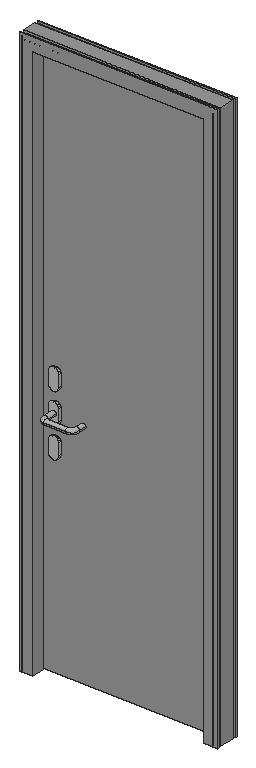
Revit family "Doors_Swing_Avanti_Systems_Acoustic-Dbl-Glazed (2)", category Portes, Revit 2022
Family settings
  Numéro OmniClass = 23.30.10.14.14
  Titre OmniClass = Wood Passage Doors
  Toujours verticalement = Oui
  Couper avec des vides une fois chargée = Non
  Partagée = Non
  Repère de localisation dans la pièce = Non
Parameters (values of type "Double Glazed Acoustic Swing Door")
  Vitrage = "Verres feuilletés"
  Matériau secoondaire = "Aluminium"
  Matériau du cadre [instance] = Alluminium
  Matériau Principal = "Bois"
  Finition = "Peinture Spéciale"
  Youtube clip = ""
  Width [instance] = 2' - 8.58379"
  Warranty = "1 year"  # constant formula
  Url = ""
  Uniformat II Description = "Interior Doors"
  Uniformat II Code = "C1020"
  Uniclass 2015 Name = "Doors and windows"
  Uniclass 2015 Code = "EF_25_30"
  Uniclass 2.0 Description = ""
  Uniclass 2.0 Code = ""
  Uniclass 1.4 Description = "Doors"
  Uniclass 1.4 Code = "JL20"
  URL = "https://www.avantisystemsusa.com/"
  UNSPSC Code = "30171504"
  Type de construction = "Ménuiserie"
  Visual Light Transmittance = 0
  Résistance thermique (R) = 0.5165 (m²·K)/W
  Region Afrique = "Algérie"
  Puissance = 130 V  # constant formula
  Produit = "Porte"
  Performance Acoustique (dB) = 40  # constant formula
  Pays de Fourniture = ""
  Pays de Design = "Algerie"
  Numéro d'édition = 3
  Nom du Fournissuer = ""
  Hauteur = 7' - 9.651"
  Groupe de produit = "porte acoustic vitrée"
  Famille du produit = "Porte double vitrage"
  Epaisseur = 0' - 1 3/4"
  Technical description = ""
  Product url = "https://www.avantisystemsusa.com/glass-products/doors/pivot-doors-hinged-doors/double-glazed-framed/"
  Product data url = "https://bimobject.com/avantisystems/product/avanti-acoustic-double-glazed-glass-swing-door"
  Product certification = ""
  Product Guid = "4cbc50b4-6a02-4c5a-a436-d6565afaf1f2"
  OmniClass Description = "Wood Doors"
  OmniClass Code = "23-17 11 15"
  NBS Reference Description = ""
  NBS Reference Code = ""
  Modèle = "Acoustic Double Glazed Glass Swing Door"  # constant formula
  Masterformat 2014 Description = "Wood Doors"
  Masterformat 2014 Code = "08 14 00"
  Fabricant = "Avanti Systems USA"  # constant formula
  Installation instructions = ""
  IFC Classification = "Door"
  Hardware material [instance] = Acier
  Hauteur de poigner [instance] = Hauteur - 0' 4"  # 7' - 5.651"
  Hauteur de la poigner [instance] = Hauteur - 0' 2"  # 7' - 7.651"
  Fonction = Intérieur
  EAN code = ""
  Matériau des Paneaux de porte = Bois
  Hauteur de la Porte [instance] = 7' - 0"
  Description = "Double Glazed Acoustic Swing Doors fit seamlessly into the Solare™ Double Glazed, Elevare™ Stacking Double Glazed High Wall , Movare™ Movable Double Glazed or Transverto™ MonobIock Modular for superior sound resistance and style."  # constant formula
  Date de publication = "2023"
  Cote de son = 0
  Coefficient de transfert thermique (U) = 1.9361 W/(m²·K)
  Solar Heat Gain Coefficient = 0
  Code QR = ""
  COBIe Type Category = ""
  Matériau des stores [instance] = Alluminium
  Hauteur des stores [instance] = Hauteur - 0' 7"  # 7' - 2.651"
  BIMobject main category code = "doors"
  BIMobject main category = "Doors"
  BIMobject category code = "doors-swing"
  BIMobject category = "Swing"
  Construction analytique = "Cadre en bois, double/triple vitre, contre-porte vitrée"
Reference planes (in)
  plane 1 "Center (Front/Back)": y = 0
  plane 2: z = 0.6245
  plane 3 "Center (Left/Right)": x = 3.24894
  plane 4: x = -13.04295
  plane 5: x = 19.54084
  plane 6 "Top": z = 94.2755
  plane 7: z = 89.62939
  plane 8: x = -8.91795
  plane 9 "Doors Bottom Plan": y = 0.2175
  plane 10: z = 91.651
  plane 11 "Doors Center": y = 0.8725
  plane 12 "Door_top_olan": y = 1.9675
  plane 13 "Door_height_top": z = 91.65289
  plane 14 "Door_left": x = 17.54774
  plane 15 "Door_right": x = -11.04986
  plane 16: z = 91.75551
  plane 17: y = 1.9675
  plane 18: z = 12.6245
  plane 19: z = 78.336
  plane 20: z = 66.336
  plane 21: z = 47.45
  plane 22: y = 1.78
  plane 23: y = 0.405
  plane 24: x = 14.10021
  plane 25: x = -7.60233
  plane 26: z = 89.25449
  plane 27: z = 0.1875
  plane 28: x = 3.24894
  plane 29: x = -11.35863
  plane 30: x = 17.67186
Forms (in)
  Sweep 1, solid, material "Alluminium" <- "Matériau du cadre"
    path origin (0.39048, 0, 0) x (1, 0, 0) y (0, 0, 1)
      loop
        line (19.15035, 0) -> (19.15035, 94.2755) -> (-13.43344, 94.2755) -> (-13.43344, 0)
    profile origin (19.54084, 0, 47.13775) x (-1, 0, 0) y (0, -1, 0)
      loop
        line (0, -1.20637) -> (0.32027, -1.20637) -> (0.32027, -1.10581) -> (0.81894, -1.10581) -> (0.81894, -1.90844) -> (0.32, -1.90844) -> (0.32, -1.75074) -> (0, -1.75074) -> (0, -1.9675) -> (1.68432, -1.9675) -> (1.68432, -0.10813) -> (2.19799, -0.10813) -> (2.19799, 1.96951) -> (0, 1.96951) -> (0, 1.75296) -> (0.32, 1.75296) -> (0.32, 1.91045) -> (0.8165, 1.91045) -> (0.8165, 1.12164) -> (0.3206, 1.12164) -> (0.3206, 1.22391) -> (0, 1.22391) -> (0, -1.20637)
  Extrusion 2, solid, material "Bois" <- "Matériau des Paneaux de porte"
    sketch origin (0, 0, 0) x (1, 0, 0) y (0, 1, 0)
      loop
        line (-11.04986, 1.9675) -> (-11.04986, 1.78) -> (17.54774, 1.78) -> (17.54774, 1.9675) -> (-11.04986, 1.9675)
      loop
        line (-11.04986, 0.405) -> (-11.04986, 0.2175) -> (17.54774, 0.2175) -> (17.54774, 0.405) -> (-11.04986, 0.405)
    from 0.1875 to 92.07752
  Sweep 3, solid, material "Alluminium" <- "Matériau du cadre"
    path origin (0, 0, 0) x (1, 0, 0) y (0, 0, 1)
      loop
        line (17.54774, 0.1875) -> (17.54774, 92.07752) -> (-11.04986, 92.07752) -> (-11.04986, 0.1875) -> (17.54774, 0.1875)
    profile origin (17.54774, 0, 46.13251) x (-1, 0, 0) y (0, -1, 0)
      loop
        line (2.82303, -1.78) -> (2.82303, -0.405) -> (0, -0.405) -> (0, -1.78) -> (2.82303, -1.78)
Lines and regions (in)
  symbolic lines, style "00 View port"
    curve 1: line (17.85651, 0.2175, 0) -> (-11.35863, 0.2175, 0)
    curve 5: line (-11.17398, 1.78, 0) -> (17.67186, 1.78, 0)
    curve 6: line (-11.17398, 0.405, 0) -> (17.67186, 0.405, 0)
    curve 7: line (3.24894, 1.78, 91.78203) -> (3.24894, 1.78, 0.6245)
    curve 8: line (3.24894, 0.405, 91.78203) -> (3.24894, 0.405, 0.6245)
    curve 9: line (3.24894, 1.905, 91.78203) -> (3.24894, 1.905, 0.6245)
    curve 10: line (3.24894, 1.8425, 91.78203) -> (3.24894, 1.8425, 0.6245)
    curve 11: line (3.24894, 0.3425, 91.78203) -> (3.24894, 0.3425, 0.6245)
    curve 12: line (3.24894, 0.28, 91.78203) -> (3.24894, 0.28, 0.6245)
  symbolic lines, style "01 Cut"
    curve 2: line (3.24894, 1.9675, 0.6245) -> (3.24894, 0.2175, 0.6245)
    curve 3: line (3.24894, 0.2175, 0.6245) -> (3.24894, 0.2175, 91.78203)
    curve 4: line (3.24894, 1.9675, 91.78203) -> (3.24894, 1.9675, 0.6245)
  symbolic lines, style "0", detail levels medium+fine
    curve 13: line (-9.7346, 2.31618, 0) -> (-8.09759, 2.31618, 0)
    curve 14: line (-9.7346, 1.9675, 0) -> (-9.7346, 2.31618, 0)
    curve 15: line (-8.09759, 1.9675, 0) -> (-9.7346, 1.9675, 0)
    curve 16: line (-8.09759, 2.31618, 0) -> (-8.09759, 1.9675, 0)
    curve 17: line (-9.30872, 2.31618, 0) -> (-9.30872, 4.12294, 0)
    curve 18: arc (-9.30872, 4.12294, 0) -> (-9.01696, 4.82732, 0) -> (-8.31258, 5.11908, 0) r 0.99614
    curve 19: line (-8.31258, 5.11908, 0) -> (-4.68684, 5.11908, 0)
    curve 20: arc (-4.68684, 5.11908, 0) -> (-3.85061, 4.7727, 0) -> (-3.50423, 3.93647, 0) r 1.18261
    curve 21: line (-3.50423, 3.93647, 0) -> (-3.50423, 2.59532, 0)
    curve 22: line (-3.50423, 2.59532, 0) -> (-4.28513, 2.59532, 0)
    curve 23: line (-4.28513, 2.59532, 0) -> (-4.28513, 3.93356, 0)
    curve 24: arc (-4.28513, 3.93356, 0) -> (-4.4221, 4.21798, 0) -> (-4.71539, 4.33478, 0) r 0.43481
    curve 25: line (-4.71539, 4.33478, 0) -> (-8.27803, 4.33478, 0)
    curve 26: arc (-8.27803, 4.33478, 0) -> (-8.44928, 4.26384, 0) -> (-8.52022, 4.09259, 0) r 0.24219
    curve 27: line (-8.52022, 4.09259, 0) -> (-8.52022, 2.31618, 0)
    curve 43: line (-9.7346, -0.13118, 0) -> (-8.09759, -0.13118, 0)
    curve 44: line (-9.7346, 0.2175, 0) -> (-9.7346, -0.13118, 0)
    curve 45: line (-8.09759, 0.2175, 0) -> (-9.7346, 0.2175, 0)
    curve 46: line (-8.09759, -0.13118, 0) -> (-8.09759, 0.2175, 0)
    curve 47: line (-9.30872, -0.13118, 0) -> (-9.30872, -1.93794, 0)
    curve 48: arc (-9.30872, -1.93794, 0) -> (-9.01696, -2.64232, 0) -> (-8.31258, -2.93408, 0) r 0.99614
    curve 49: line (-8.31258, -2.93408, 0) -> (-4.68684, -2.93408, 0)
    curve 50: arc (-4.68684, -2.93408, 0) -> (-3.85061, -2.5877, 0) -> (-3.50423, -1.75147, 0) r 1.18261
    curve 51: line (-3.50423, -1.75147, 0) -> (-3.50423, -0.41032, 0)
    curve 52: line (-3.50423, -0.41032, 0) -> (-4.28513, -0.41032, 0)
    curve 53: line (-4.28513, -0.41032, 0) -> (-4.28513, -1.74856, 0)
    curve 54: arc (-4.28513, -1.74856, 0) -> (-4.4221, -2.03298, 0) -> (-4.71539, -2.14978, 0) r 0.43481
    curve 55: line (-4.71539, -2.14978, 0) -> (-8.27803, -2.14978, 0)
    curve 56: arc (-8.27803, -2.14978, 0) -> (-8.44928, -2.07884, 0) -> (-8.52022, -1.90759, 0) r 0.24219
    curve 57: line (-8.52022, -1.90759, 0) -> (-8.52022, -0.13118, 0)
  symbolic lines, style "0", not visible, detail levels medium+fine
    curve 28: line (-9.7346, 2.31618, 0) -> (-8.09759, 2.31618, 0)
    curve 29: line (-9.7346, 1.9675, 0) -> (-9.7346, 2.31618, 0)
    curve 30: line (-8.09759, 1.9675, 0) -> (-9.7346, 1.9675, 0)
    curve 31: line (-8.09759, 2.31618, 0) -> (-8.09759, 1.9675, 0)
    curve 32: line (-9.30872, 2.31618, 0) -> (-9.30872, 4.12294, 0)
    curve 33: arc (-9.30872, 4.12294, 0) -> (-9.01696, 4.82732, 0) -> (-8.31258, 5.11908, 0) r 0.99614
    curve 34: line (-8.31258, 5.11908, 0) -> (-4.68684, 5.11908, 0)
    curve 35: arc (-4.68684, 5.11908, 0) -> (-3.85061, 4.7727, 0) -> (-3.50423, 3.93647, 0) r 1.18261
    curve 36: line (-3.50423, 3.93647, 0) -> (-3.50423, 2.59532, 0)
    curve 37: line (-3.50423, 2.59532, 0) -> (-4.28513, 2.59532, 0)
    curve 38: line (-4.28513, 2.59532, 0) -> (-4.28513, 3.93356, 0)
    curve 39: arc (-4.28513, 3.93356, 0) -> (-4.4221, 4.21798, 0) -> (-4.71539, 4.33478, 0) r 0.43481
    curve 40: line (-4.71539, 4.33478, 0) -> (-8.27803, 4.33478, 0)
    curve 41: arc (-8.27803, 4.33478, 0) -> (-8.44928, 4.26384, 0) -> (-8.52022, 4.09259, 0) r 0.24219
    curve 42: line (-8.52022, 4.09259, 0) -> (-8.52022, 2.31618, 0)
    curve 58: line (-8.91795, 2.31618, 0) -> (-8.91795, 2.06618, 0)
    curve 59: line (-8.91795, 2.31618, 0) -> (-8.91795, 2.06618, 0)
    curve 60: line (-8.91795, -0.13118, 0) -> (-8.91795, 0.11882, 0)
  symbolic lines, not visible
    curve 61: line (-2.82581, -0.24998, 19.83525) -> (2.83104, -0.24998, 25.4921)
    curve 62: line (0.00262, -0.24998, 20.81572) -> (1.85057, -0.24998, 22.66367)
    curve 63: line (-1.84534, -0.24998, 22.66367) -> (0.00262, -0.24998, 24.51163)
    curve 64: line (-1.84534, 0.25002, 22.66367) -> (1.85057, 0.25002, 22.66367)
  model lines, not visible
    curve 65: line (0.00262, 0.25002, 20.81572) -> (0.00262, 0.25002, 24.51163)
  symbolic lines, style "DoorsHiddenLines"
    curve 66: line (-8.22683, 0, 89.25449) -> (14.72471, 0, 47.45)
    curve 67: line (14.72471, 0, 47.45) -> (-8.91795, 0, 0.1875)
    curve 68: line (17.54774, 1.9675, 0) -> (17.54774, 28.18535, 0)
    curve 69: arc (17.54774, 28.18535, 0) -> (-2.26495, 21.08656, 0) -> (-11.06253, 1.9675, 0) r 27.16735
  symbolic lines, style "0"
    curve 70: line (-11.35863, 1.9675, 0) -> (17.54774, 1.9675, 0)
Text (in)
  text "Exterior" at (-45.72835, 31.38743, 0), in view "Ref. Level"
Dimensions and locks (in)
  equal spacing: plane 4, plane 3 "Center (Left/Right)", plane 5  (x2)
  plane 4 to plane 8 = 0' - 4 1/8"
  "Epaisseur": plane 12 "Door_top_olan" to plane 9 "Doors Bottom Plan"
  plane 12 "Door_top_olan" to plane 11 "Doors Center" to plane 9 "Doors Bottom Plan" = 0' - 1.095", 0' - 0.655"
  locked: plane 16 to plane 6 "Top" at 2.51999
  locked: plane 14 "Door_left" to plane 5 at 1.9931
  locked: plane 15 "Door_right" to plane 4 at 1.9931
  plane 17 to plane 12 "Door_top_olan" = 0' - 0"
  locked: plane 2 to plane 18 at 12
  locked: plane 19 to plane 13 "Door_height_top" at 13.31689
  locked: plane 20 to plane 13 "Door_height_top" at 25.31689
  plane 13 "Door_height_top" to plane 6 "Top" = 0' - 2.62261"
  equal spacing: plane 2, plane 21, plane 6 "Top", locked at 46.8255 each
  locked: plane 12 "Door_top_olan" to plane 22 at 0.1875
  locked: plane 23 to plane 9 "Doors Bottom Plan" at 0.1875
  "Hauteur": plane 2 to plane 6 "Top"
  locked: plane 24 to plane 5 at 5.44062
  locked: plane 25 to plane 4 at 5.44062
  "Width": plane 4 to plane 5
  plane 26 to plane 6 "Top" = 0' - 5.02101"
  equal spacing: plane 17, curve 9, curve 10, plane 22, locked at 0.0625 each
  equal spacing: plane 23, curve 11, curve 12, plane 9 "Doors Bottom Plan", locked at 0.0625 each
  plane 27 to plane 2 = 0' - 0.437"
  equal spacing: plane 4, plane 28, plane 5
  plane 27 to plane 13 "Door_height_top" = 7' - 7.46539"
  plane 14 "Door_left" to plane 15 "Door_right" = 2' - 4.5976"
  plane 1 "Center (Front/Back)" to curve 68 = 2' - 4.18535"
  plane 2 to nested 9 = 3' - 2"
  locked: plane 4 to plane 29 at 1.68432
  locked: plane 30 to plane 5 at 1.86898
  locked: Sweep 3 sketch curve to profile plane at 2.82303
  aligned and locked: Sweep 1 sketch curve to plane 5
  aligned and locked: plane 4 to Sweep 1 sketch curve
  aligned and locked: Sweep 1 sketch curve to plane 6 "Top"
  aligned and locked: Sweep 1 to plane 17
  aligned and locked: curve 3 to plane 9 "Doors Bottom Plan"
  aligned and locked: curve 4 to plane 12 "Door_top_olan"
  aligned and locked: Extrusion 2 sketch curve to plane 12 "Door_top_olan"
  aligned and locked: plane 22 to Extrusion 2 sketch curve
  aligned and locked: plane 15 "Door_right" to Extrusion 2 sketch curve  (x2)
  aligned and locked: Extrusion 2 sketch curve to plane 14 "Door_left"  (x2)
  aligned and locked: Extrusion 2 sketch curve to plane 23
  aligned and locked: plane 9 "Doors Bottom Plan" to Extrusion 2 sketch curve
  aligned and locked: Sweep 3 sketch curve to plane 14 "Door_left"
  aligned and locked: plane 15 "Door_right" to Sweep 3 sketch curve
  aligned and locked: Sweep 3 sketch curve to plane 22
  aligned and locked: plane 23 to Sweep 3 sketch curve
  aligned and locked: Sweep 3 sketch curve to profile plane
  aligned and locked: Sweep 3 to Sweep 3
  aligned and locked: Sweep 3 to plane 26  (x4)
  aligned and locked: nested 1 to plane 26
  aligned and locked: nested 1 to plane 3 "Center (Left/Right)"
  aligned and locked: plane 4 to nested 2
  aligned and locked: nested 2 to plane 12 "Door_top_olan"
  aligned and locked: plane 5 to nested 3
  aligned and locked: plane 12 "Door_top_olan" to nested 3
  aligned and locked: Sweep 1 sketch curve to nested 3  (x6)
  aligned and locked: Sweep 1 sketch curve to plane 12 "Door_top_olan"
  aligned and locked: Sweep 1 to curve 1  (x2)
  aligned and locked: curve 5 to plane 22
  aligned and locked: curve 6 to plane 23
  aligned and locked: nested 2 to curve 5
  aligned and locked: curve 6 to nested 2
  aligned and locked: nested 3 to curve 5
  aligned and locked: nested 3 to curve 6
  aligned and locked: nested 4 to plane 17
  aligned and locked: curve 2 to plane 2
  aligned and locked: nested 4 to curve 4
  aligned and locked: curve 3 to nested 4
  aligned and locked: plane 22 to curve 7
  aligned and locked: plane 23 to curve 8
  aligned and locked: nested 4 to curve 9
  aligned and locked: nested 4 to curve 10
  aligned and locked: nested 4 to curve 7
  aligned and locked: curve 8 to nested 4
  aligned and locked: curve 11 to nested 4
  aligned and locked: curve 12 to nested 4
  aligned and locked: plane 2 to curve 9
  aligned and locked: nested 9 to plane 2
  aligned and locked: nested 9 to plane 4
  aligned and locked: curve 15 to plane 17
  aligned and locked: plane 9 "Doors Bottom Plan" to curve 45
  aligned and locked: curve 58 to nested 9
  aligned and locked: curve 60 to plane 8
  aligned and locked: plane 27 to Sweep 3 sketch curve  (x2)
  aligned and locked: Extrusion 2 to plane 27
  aligned and locked: plane 26 to Sweep 3
  aligned and locked: plane 21 to curve 67
  aligned and locked: curve 68 to curve 69
  aligned and locked: nested 5 to plane 18
  aligned and locked: nested 7 to plane 20
  aligned and locked: nested 8 to plane 19
  aligned and locked: plane 21 to nested 6
  aligned and locked: nested 8 to Extrusion 2
  aligned and locked: nested 7 to Extrusion 2
  aligned and locked: nested 6 to Extrusion 2
  aligned and locked: nested 5 to Extrusion 2
  aligned and locked: plane 14 "Door_left" to nested 6
  aligned and locked: plane 14 "Door_left" to nested 5
  aligned and locked: Extrusion 2 to nested 7
  aligned and locked: Extrusion 2 to nested 8
  aligned and locked: plane 14 "Door_left" to curve 68
  aligned and locked: plane 29 to curve 70
  aligned and locked: Sweep 3 sketch curve to Sweep 1
  aligned and locked: Extrusion 2 to Sweep 1
  aligned and locked: plane 26 to curve 66
Automatic sketch dimensions
  curve 13 to curve 17 = 0' - 0.42588"
  curve 17 to curve 27 = 0' - 0.7885"
  curve 26 to curve 19 = 0' - 0.20764"
  curve 18 to curve 25 = 0' - 0.03455"
  curve 27 to curve 16 = 0' - 0.42263"
  curve 26 to curve 24 = 0' - 3.55939"
  curve 24 to curve 25 = 0' - 0.00325"
  curve 24 to curve 20 = 0' - 0.0318"
  curve 24 to curve 22 = 0' - 0.43351"
  curve 22 to curve 21 = 0' - 0.7809"
  curve 15 to curve 16 = 0' - 0.34868"
  curve 13 to curve 23 = 0' - 0.27914"
  curve 22 to curve 24 = 0' - 1.30467"
  curve 24 to curve 23 = 0' - 0.03357"
  curve 24 to curve 20 = 0' - 0.03649"
  curve 58 to curve 27 = 0' - 0.39773"
  curve 58 to curve 27 = 0' - 0 1/4"
  curve 58 to curve 58 = 0' - 0 1/4"
  curve 28 to curve 32 = 0' - 0.42588"
  curve 32 to curve 42 = 0' - 0.7885"
  curve 41 to curve 34 = 0' - 0.20764"
  curve 33 to curve 40 = 0' - 0.03455"
  curve 42 to curve 31 = 0' - 0.42263"
  curve 41 to curve 39 = 0' - 3.55939"
  curve 39 to curve 40 = 0' - 0.00325"
  curve 39 to curve 35 = 0' - 0.0318"
  curve 39 to curve 37 = 0' - 0.43351"
  curve 37 to curve 36 = 0' - 0.7809"
  curve 30 to curve 31 = 0' - 0.34868"
  curve 28 to curve 38 = 0' - 0.27914"
  curve 37 to curve 39 = 0' - 1.30467"
  curve 39 to curve 38 = 0' - 0.03357"
  curve 39 to curve 35 = 0' - 0.03649"
  curve 59 to curve 42 = 0' - 0.39773"
  curve 59 to curve 42 = 0' - 0 1/4"
  curve 59 to curve 59 = 0' - 0 1/4"
  curve 43 to curve 47 = 0' - 0.42588"
  curve 47 to curve 57 = 0' - 0.7885"
  curve 56 to curve 49 = 0' - 0.20764"
  curve 48 to curve 55 = 0' - 0.03455"
  curve 57 to curve 46 = 0' - 0.42263"
  curve 56 to curve 54 = 0' - 3.55939"
  curve 54 to curve 55 = 0' - 0.00325"
  curve 54 to curve 50 = 0' - 0.0318"
  curve 54 to curve 52 = 0' - 0.43351"
  curve 52 to curve 51 = 0' - 0.7809"
  curve 46 to curve 45 = 0' - 0.34868"
  curve 53 to curve 43 = 0' - 0.27914"
  curve 54 to curve 52 = 0' - 1.30467"
  curve 53 to curve 54 = 0' - 0.03357"
  curve 50 to curve 54 = 0' - 0.03649"
  curve 60 to curve 57 = 0' - 0.39773"
  curve 57 to curve 60 = 0' - 0 1/4"
  curve 60 to curve 60 = 0' - 0 1/4"
  Sweep 1 sketch curve to level = 0' - 0"  (x2)
  Sweep 1 sketch curve to profile plane = 0' - 0"  (x3)
  Sweep 1 sketch curve to profile plane = 0' - 0.32"
  Sweep 1 sketch curve to Sweep 1 sketch curve = 0' - 0.32"
  Sweep 1 sketch curve to profile plane = 0' - 0.32027"
  Sweep 1 sketch curve to profile plane = 0' - 0.3206"
  Sweep 1 sketch curve to Sweep 1 sketch curve = 0' - 0.49591"
  Sweep 1 sketch curve to Sweep 1 sketch curve = 0' - 0.49894"
  Sweep 1 sketch curve to Sweep 1 sketch curve = 0' - 0.15771"
  Sweep 1 sketch curve to Sweep 1 sketch curve = 0' - 0.54437"
  Sweep 1 sketch curve to Sweep 1 sketch curve = 0' - 0.10056"
  Sweep 1 sketch curve to Sweep 1 sketch curve = 0' - 0.10227"
  Sweep 1 sketch curve to Sweep 1 sketch curve = 0' - 0.21655"
  Sweep 1 sketch curve to Sweep 1 sketch curve = 0' - 0.1575"
  plane 8 to curve 67 = 0' - 0"
  curve 67 to plane 27 = 0' - 0"
  curve 66 to plane 25 = 0' - 0.6245"
  plane 24 to curve 67 = 0' - 0.6245"
  curve 69 to plane 12 "Door_top_olan" = 0' - 0"
  curve 1 to plane 9 "Doors Bottom Plan" = 0' - 0"
  plane 11 "Doors Center" to curve 69 = 0' - 0.18466"
  curve 69 to plane 14 "Door_left" = 0' - 1.45817"
Nested families (in)
  nested 1: "Blinds" at (3.24894, 0.405, 45.92899) x (1, 0, 0) z (0, 1, 0), type "Blinds"
    with Width 1' - 10.95098", Height 7' - 2.651"
  nested 2: "Door Frame" at (-11.81512, -0.34464, 0), type "Door Frame"
  nested 3: "Door Frame" at (18.313, -0.34464, 0) x (-1, 0, 0) z (0, 0, 1), type "Door Frame"
  nested 4: "Door Frame" at (3.24894, -0.34464, 92.42317) x (0, 0, -1) z (1, 0, 0), type "Door Frame"
  nested 5: "Hinge" at (17.79774, 1.9675, 17.1245) x (-1, 0, 0) z (0, 1, 0), type "Frame To Glass Door Hydraulic Hinge"
  nested 6: "Hinge" at (17.79774, 1.9675, 49.7) x (-1, 0, 0) z (0, 1, 0), type "Frame To Glass Door Hydraulic Hinge"
  nested 7: "Hinge" at (17.79774, 1.9675, 70.836) x (-1, 0, 0) z (0, 1, 0), type "Frame To Glass Door Hydraulic Hinge"
  nested 8: "Hinge" at (17.79774, 1.9675, 82.836) x (-1, 0, 0) z (0, 1, 0), type "Frame To Glass Door Hydraulic Hinge"
  nested 9: "Handle" at (-8.91795, -1.1575, 38.6245) x (-1, 0, 0) z (0, -1, 0), type "Lever Handle", detail levels medium+fine
    with Width 7' - 5.651"
Definition of nested family "Blinds"
  Parameters (values of type "Blinders")
    Width = 1' - 9.70098"
    Number = 88
    Material = none
    Height = 7' - 4.2096"
    Default Elevation = 4' - 0"
  Reference planes (in)
    plane 1 "Center (Front/Back)": y = 0
    plane 2: z = 0
    plane 3 "Center (Left/Right)": x = 0
    plane 4: y = 44.1048
    plane 5: y = -44.1048
  Forms (in)
    Sweep 1, solid, material <- "Material"
      path origin (0, 28.38242, 0) x (1, 0, 0) y (0, 1, 0)
        loop
          line (-10.85049, 15.72238) -> (10.85049, 15.72238)
      profile origin (0, 44.1048, 0) x (0, 1, 0) y (0, 0, 1)
        loop
          line (-0.53392, 1.375) -> (0, 0)
          arc (0, 0) -> (-0.1282, 0.74138) -> (-0.53392, 1.375) r 1.90149
    Sweep 2, solid, material <- "Material"
      path origin (0, 27.37466, 0) x (1, 0, 0) y (0, 1, 0)
        loop
          line (-10.85049, 15.72238) -> (10.85049, 15.72238)
      profile origin (0, 43.09703, 0) x (0, 1, 0) y (0, 0, 1)
        loop
          line (-0.53392, 1.375) -> (0, 0)
          arc (0, 0) -> (-0.1282, 0.74138) -> (-0.53392, 1.375) r 1.90149
    Sweep 3, solid, material <- "Material"
      path origin (0, 26.36689, 0) x (1, 0, 0) y (0, 1, 0)
        loop
          line (-10.85049, 15.72238) -> (10.85049, 15.72238)
      profile origin (0, 42.08927, 0) x (0, 1, 0) y (0, 0, 1)
        loop
          line (-0.53392, 1.375) -> (0, 0)
          arc (0, 0) -> (-0.1282, 0.74138) -> (-0.53392, 1.375) r 1.90149
    Sweep 4, solid, material <- "Material"
      path origin (0, 25.35912, 0) x (1, 0, 0) y (0, 1, 0)
        loop
          line (-10.85049, 15.72238) -> (10.85049, 15.72238)
      profile origin (0, 41.0815, 0) x (0, 1, 0) y (0, 0, 1)
        loop
          line (-0.53392, 1.375) -> (0, 0)
          arc (0, 0) -> (-0.1282, 0.74138) -> (-0.53392, 1.375) r 1.90149
    Sweep 5, solid, material <- "Material"
      path origin (0, 24.35136, 0) x (1, 0, 0) y (0, 1, 0)
        loop
          line (-10.85049, 15.72238) -> (10.85049, 15.72238)
      profile origin (0, 40.07373, 0) x (0, 1, 0) y (0, 0, 1)
        loop
          line (-0.53392, 1.375) -> (0, 0)
          arc (0, 0) -> (-0.1282, 0.74138) -> (-0.53392, 1.375) r 1.90149
    Sweep 6, solid, material <- "Material"
      path origin (0, 23.34359, 0) x (1, 0, 0) y (0, 1, 0)
        loop
          line (-10.85049, 15.72238) -> (10.85049, 15.72238)
      profile origin (0, 39.06597, 0) x (0, 1, 0) y (0, 0, 1)
        loop
          line (-0.53392, 1.375) -> (0, 0)
          arc (0, 0) -> (-0.1282, 0.74138) -> (-0.53392, 1.375) r 1.90149
    Sweep 7, solid, material <- "Material"
      path origin (0, 22.33582, 0) x (1, 0, 0) y (0, 1, 0)
        loop
          line (-10.85049, 15.72238) -> (10.85049, 15.72238)
      profile origin (0, 38.0582, 0) x (0, 1, 0) y (0, 0, 1)
        loop
          line (-0.53392, 1.375) -> (0, 0)
          arc (0, 0) -> (-0.1282, 0.74138) -> (-0.53392, 1.375) r 1.90149
    Sweep 8, solid, material <- "Material"
      path origin (0, 21.32806, 0) x (1, 0, 0) y (0, 1, 0)
        loop
          line (-10.85049, 15.72238) -> (10.85049, 15.72238)
      profile origin (0, 37.05043, 0) x (0, 1, 0) y (0, 0, 1)
        loop
          line (-0.53392, 1.375) -> (0, 0)
          arc (0, 0) -> (-0.1282, 0.74138) -> (-0.53392, 1.375) r 1.90149
    Sweep 9, solid, material <- "Material"
      path origin (0, 20.32029, 0) x (1, 0, 0) y (0, 1, 0)
        loop
          line (-10.85049, 15.72238) -> (10.85049, 15.72238)
      profile origin (0, 36.04267, 0) x (0, 1, 0) y (0, 0, 1)
        loop
          line (-0.53392, 1.375) -> (0, 0)
          arc (0, 0) -> (-0.1282, 0.74138) -> (-0.53392, 1.375) r 1.90149
    Sweep 10, solid, material <- "Material"
      path origin (0, 19.31252, 0) x (1, 0, 0) y (0, 1, 0)
        loop
          line (-10.85049, 15.72238) -> (10.85049, 15.72238)
      profile origin (0, 35.0349, 0) x (0, 1, 0) y (0, 0, 1)
        loop
          line (-0.53392, 1.375) -> (0, 0)
          arc (0, 0) -> (-0.1282, 0.74138) -> (-0.53392, 1.375) r 1.90149
    Sweep 11, solid, material <- "Material"
      path origin (0, 18.30476, 0) x (1, 0, 0) y (0, 1, 0)
        loop
          line (-10.85049, 15.72238) -> (10.85049, 15.72238)
      profile origin (0, 34.02713, 0) x (0, 1, 0) y (0, 0, 1)
        loop
          line (-0.53392, 1.375) -> (0, 0)
          arc (0, 0) -> (-0.1282, 0.74138) -> (-0.53392, 1.375) r 1.90149
    Sweep 12, solid, material <- "Material"
      path origin (0, 17.29699, 0) x (1, 0, 0) y (0, 1, 0)
        loop
          line (-10.85049, 15.72238) -> (10.85049, 15.72238)
      profile origin (0, 33.01937, 0) x (0, 1, 0) y (0, 0, 1)
        loop
          line (-0.53392, 1.375) -> (0, 0)
          arc (0, 0) -> (-0.1282, 0.74138) -> (-0.53392, 1.375) r 1.90149
    Sweep 13, solid, material <- "Material"
      path origin (0, 16.28922, 0) x (1, 0, 0) y (0, 1, 0)
        loop
          line (-10.85049, 15.72238) -> (10.85049, 15.72238)
      profile origin (0, 32.0116, 0) x (0, 1, 0) y (0, 0, 1)
        loop
          line (-0.53392, 1.375) -> (0, 0)
          arc (0, 0) -> (-0.1282, 0.74138) -> (-0.53392, 1.375) r 1.90149
    Sweep 14, solid, material <- "Material"
      path origin (0, 15.28146, 0) x (1, 0, 0) y (0, 1, 0)
        loop
          line (-10.85049, 15.72238) -> (10.85049, 15.72238)
      profile origin (0, 31.00384, 0) x (0, 1, 0) y (0, 0, 1)
        loop
          line (-0.53392, 1.375) -> (0, 0)
          arc (0, 0) -> (-0.1282, 0.74138) -> (-0.53392, 1.375) r 1.90149
    Sweep 15, solid, material <- "Material"
      path origin (0, 14.27369, 0) x (1, 0, 0) y (0, 1, 0)
        loop
          line (-10.85049, 15.72238) -> (10.85049, 15.72238)
      profile origin (0, 29.99607, 0) x (0, 1, 0) y (0, 0, 1)
        loop
          line (-0.53392, 1.375) -> (0, 0)
          arc (0, 0) -> (-0.1282, 0.74138) -> (-0.53392, 1.375) r 1.90149
    Sweep 16, solid, material <- "Material"
      path origin (0, 13.26593, 0) x (1, 0, 0) y (0, 1, 0)
        loop
          line (-10.85049, 15.72238) -> (10.85049, 15.72238)
      profile origin (0, 28.9883, 0) x (0, 1, 0) y (0, 0, 1)
        loop
          line (-0.53392, 1.375) -> (0, 0)
          arc (0, 0) -> (-0.1282, 0.74138) -> (-0.53392, 1.375) r 1.90149
    Sweep 17, solid, material <- "Material"
      path origin (0, 12.25816, 0) x (1, 0, 0) y (0, 1, 0)
        loop
          line (-10.85049, 15.72238) -> (10.85049, 15.72238)
      profile origin (0, 27.98054, 0) x (0, 1, 0) y (0, 0, 1)
        loop
          line (-0.53392, 1.375) -> (0, 0)
          arc (0, 0) -> (-0.1282, 0.74138) -> (-0.53392, 1.375) r 1.90149
    Sweep 18, solid, material <- "Material"
      path origin (0, 11.25039, 0) x (1, 0, 0) y (0, 1, 0)
        loop
          line (-10.85049, 15.72238) -> (10.85049, 15.72238)
      profile origin (0, 26.97277, 0) x (0, 1, 0) y (0, 0, 1)
        loop
          line (-0.53392, 1.375) -> (0, 0)
          arc (0, 0) -> (-0.1282, 0.74138) -> (-0.53392, 1.375) r 1.90149
    Sweep 19, solid, material <- "Material"
      path origin (0, 10.24263, 0) x (1, 0, 0) y (0, 1, 0)
        loop
          line (-10.85049, 15.72238) -> (10.85049, 15.72238)
      profile origin (0, 25.965, 0) x (0, 1, 0) y (0, 0, 1)
        loop
          line (-0.53392, 1.375) -> (0, 0)
          arc (0, 0) -> (-0.1282, 0.74138) -> (-0.53392, 1.375) r 1.90149
    Sweep 20, solid, material <- "Material"
      path origin (0, 9.23486, 0) x (1, 0, 0) y (0, 1, 0)
        loop
          line (-10.85049, 15.72238) -> (10.85049, 15.72238)
      profile origin (0, 24.95724, 0) x (0, 1, 0) y (0, 0, 1)
        loop
          line (-0.53392, 1.375) -> (0, 0)
          arc (0, 0) -> (-0.1282, 0.74138) -> (-0.53392, 1.375) r 1.90149
    Sweep 21, solid, material <- "Material"
      path origin (0, 8.22709, 0) x (1, 0, 0) y (0, 1, 0)
        loop
          line (-10.85049, 15.72238) -> (10.85049, 15.72238)
      profile origin (0, 23.94947, 0) x (0, 1, 0) y (0, 0, 1)
        loop
          line (-0.53392, 1.375) -> (0, 0)
          arc (0, 0) -> (-0.1282, 0.74138) -> (-0.53392, 1.375) r 1.90149
    Sweep 22, solid, material <- "Material"
      path origin (0, 7.21933, 0) x (1, 0, 0) y (0, 1, 0)
        loop
          line (-10.85049, 15.72238) -> (10.85049, 15.72238)
      profile origin (0, 22.9417, 0) x (0, 1, 0) y (0, 0, 1)
        loop
          line (-0.53392, 1.375) -> (0, 0)
          arc (0, 0) -> (-0.1282, 0.74138) -> (-0.53392, 1.375) r 1.90149
    Sweep 23, solid, material <- "Material"
      path origin (0, 6.21156, 0) x (1, 0, 0) y (0, 1, 0)
        loop
          line (-10.85049, 15.72238) -> (10.85049, 15.72238)
      profile origin (0, 21.93394, 0) x (0, 1, 0) y (0, 0, 1)
        loop
          line (-0.53392, 1.375) -> (0, 0)
          arc (0, 0) -> (-0.1282, 0.74138) -> (-0.53392, 1.375) r 1.90149
    Sweep 24, solid, material <- "Material"
      path origin (0, 5.20379, 0) x (1, 0, 0) y (0, 1, 0)
        loop
          line (-10.85049, 15.72238) -> (10.85049, 15.72238)
      profile origin (0, 20.92617, 0) x (0, 1, 0) y (0, 0, 1)
        loop
          line (-0.53392, 1.375) -> (0, 0)
          arc (0, 0) -> (-0.1282, 0.74138) -> (-0.53392, 1.375) r 1.90149
    Sweep 25, solid, material <- "Material"
      path origin (0, 4.19603, 0) x (1, 0, 0) y (0, 1, 0)
        loop
          line (-10.85049, 15.72238) -> (10.85049, 15.72238)
      profile origin (0, 19.9184, 0) x (0, 1, 0) y (0, 0, 1)
        loop
          line (-0.53392, 1.375) -> (0, 0)
          arc (0, 0) -> (-0.1282, 0.74138) -> (-0.53392, 1.375) r 1.90149
    Sweep 26, solid, material <- "Material"
      path origin (0, 3.18826, 0) x (1, 0, 0) y (0, 1, 0)
        loop
          line (-10.85049, 15.72238) -> (10.85049, 15.72238)
      profile origin (0, 18.91064, 0) x (0, 1, 0) y (0, 0, 1)
        loop
          line (-0.53392, 1.375) -> (0, 0)
          arc (0, 0) -> (-0.1282, 0.74138) -> (-0.53392, 1.375) r 1.90149
    Sweep 27, solid, material <- "Material"
      path origin (0, 2.18049, 0) x (1, 0, 0) y (0, 1, 0)
        loop
          line (-10.85049, 15.72238) -> (10.85049, 15.72238)
      profile origin (0, 17.90287, 0) x (0, 1, 0) y (0, 0, 1)
        loop
          line (-0.53392, 1.375) -> (0, 0)
          arc (0, 0) -> (-0.1282, 0.74138) -> (-0.53392, 1.375) r 1.90149
    Sweep 28, solid, material <- "Material"
      path origin (0, 1.17273, 0) x (1, 0, 0) y (0, 1, 0)
        loop
          line (-10.85049, 15.72238) -> (10.85049, 15.72238)
      profile origin (0, 16.89511, 0) x (0, 1, 0) y (0, 0, 1)
        loop
          line (-0.53392, 1.375) -> (0, 0)
          arc (0, 0) -> (-0.1282, 0.74138) -> (-0.53392, 1.375) r 1.90149
    Sweep 29, solid, material <- "Material"
      path origin (0, 0.16496, 0) x (1, 0, 0) y (0, 1, 0)
        loop
          line (-10.85049, 15.72238) -> (10.85049, 15.72238)
      profile origin (0, 15.88734, 0) x (0, 1, 0) y (0, 0, 1)
        loop
          line (-0.53392, 1.375) -> (0, 0)
          arc (0, 0) -> (-0.1282, 0.74138) -> (-0.53392, 1.375) r 1.90149
    Sweep 30, solid, material <- "Material"
      path origin (0, -0.8428, 0) x (1, 0, 0) y (0, 1, 0)
        loop
          line (-10.85049, 15.72238) -> (10.85049, 15.72238)
      profile origin (0, 14.87957, 0) x (0, 1, 0) y (0, 0, 1)
        loop
          line (-0.53392, 1.375) -> (0, 0)
          arc (0, 0) -> (-0.1282, 0.74138) -> (-0.53392, 1.375) r 1.90149
    Sweep 31, solid, material <- "Material"
      path origin (0, -1.85057, 0) x (1, 0, 0) y (0, 1, 0)
        loop
          line (-10.85049, 15.72238) -> (10.85049, 15.72238)
      profile origin (0, 13.87181, 0) x (0, 1, 0) y (0, 0, 1)
        loop
          line (-0.53392, 1.375) -> (0, 0)
          arc (0, 0) -> (-0.1282, 0.74138) -> (-0.53392, 1.375) r 1.90149
    Sweep 32, solid, material <- "Material"
      path origin (0, -2.85834, 0) x (1, 0, 0) y (0, 1, 0)
        loop
          line (-10.85049, 15.72238) -> (10.85049, 15.72238)
      profile origin (0, 12.86404, 0) x (0, 1, 0) y (0, 0, 1)
        loop
          line (-0.53392, 1.375) -> (0, 0)
          arc (0, 0) -> (-0.1282, 0.74138) -> (-0.53392, 1.375) r 1.90149
    Sweep 33, solid, material <- "Material"
      path origin (0, -3.8661, 0) x (1, 0, 0) y (0, 1, 0)
        loop
          line (-10.85049, 15.72238) -> (10.85049, 15.72238)
      profile origin (0, 11.85627, 0) x (0, 1, 0) y (0, 0, 1)
        loop
          line (-0.53392, 1.375) -> (0, 0)
          arc (0, 0) -> (-0.1282, 0.74138) -> (-0.53392, 1.375) r 1.90149
    Sweep 34, solid, material <- "Material"
      path origin (0, -4.87387, 0) x (1, 0, 0) y (0, 1, 0)
        loop
          line (-10.85049, 15.72238) -> (10.85049, 15.72238)
      profile origin (0, 10.84851, 0) x (0, 1, 0) y (0, 0, 1)
        loop
          line (-0.53392, 1.375) -> (0, 0)
          arc (0, 0) -> (-0.1282, 0.74138) -> (-0.53392, 1.375) r 1.90149
    Sweep 35, solid, material <- "Material"
      path origin (0, -5.88164, 0) x (1, 0, 0) y (0, 1, 0)
        loop
          line (-10.85049, 15.72238) -> (10.85049, 15.72238)
      profile origin (0, 9.84074, 0) x (0, 1, 0) y (0, 0, 1)
        loop
          line (-0.53392, 1.375) -> (0, 0)
          arc (0, 0) -> (-0.1282, 0.74138) -> (-0.53392, 1.375) r 1.90149
    Sweep 36, solid, material <- "Material"
      path origin (0, -6.8894, 0) x (1, 0, 0) y (0, 1, 0)
        loop
          line (-10.85049, 15.72238) -> (10.85049, 15.72238)
      profile origin (0, 8.83297, 0) x (0, 1, 0) y (0, 0, 1)
        loop
          line (-0.53392, 1.375) -> (0, 0)
          arc (0, 0) -> (-0.1282, 0.74138) -> (-0.53392, 1.375) r 1.90149
    Sweep 37, solid, material <- "Material"
      path origin (0, -7.89717, 0) x (1, 0, 0) y (0, 1, 0)
        loop
          line (-10.85049, 15.72238) -> (10.85049, 15.72238)
      profile origin (0, 7.82521, 0) x (0, 1, 0) y (0, 0, 1)
        loop
          line (-0.53392, 1.375) -> (0, 0)
          arc (0, 0) -> (-0.1282, 0.74138) -> (-0.53392, 1.375) r 1.90149
    Sweep 38, solid, material <- "Material"
      path origin (0, -8.90494, 0) x (1, 0, 0) y (0, 1, 0)
        loop
          line (-10.85049, 15.72238) -> (10.85049, 15.72238)
      profile origin (0, 6.81744, 0) x (0, 1, 0) y (0, 0, 1)
        loop
          line (-0.53392, 1.375) -> (0, 0)
          arc (0, 0) -> (-0.1282, 0.74138) -> (-0.53392, 1.375) r 1.90149
    Sweep 39, solid, material <- "Material"
      path origin (0, -9.9127, 0) x (1, 0, 0) y (0, 1, 0)
        loop
          line (-10.85049, 15.72238) -> (10.85049, 15.72238)
      profile origin (0, 5.80967, 0) x (0, 1, 0) y (0, 0, 1)
        loop
          line (-0.53392, 1.375) -> (0, 0)
          arc (0, 0) -> (-0.1282, 0.74138) -> (-0.53392, 1.375) r 1.90149
    Sweep 40, solid, material <- "Material"
      path origin (0, -10.92047, 0) x (1, 0, 0) y (0, 1, 0)
        loop
          line (-10.85049, 15.72238) -> (10.85049, 15.72238)
      profile origin (0, 4.80191, 0) x (0, 1, 0) y (0, 0, 1)
        loop
          line (-0.53392, 1.375) -> (0, 0)
          arc (0, 0) -> (-0.1282, 0.74138) -> (-0.53392, 1.375) r 1.90149
    Sweep 41, solid, material <- "Material"
      path origin (0, -11.92824, 0) x (1, 0, 0) y (0, 1, 0)
        loop
          line (-10.85049, 15.72238) -> (10.85049, 15.72238)
      profile origin (0, 3.79414, 0) x (0, 1, 0) y (0, 0, 1)
        loop
          line (-0.53392, 1.375) -> (0, 0)
          arc (0, 0) -> (-0.1282, 0.74138) -> (-0.53392, 1.375) r 1.90149
    Sweep 42, solid, material <- "Material"
      path origin (0, -12.936, 0) x (1, 0, 0) y (0, 1, 0)
        loop
          line (-10.85049, 15.72238) -> (10.85049, 15.72238)
      profile origin (0, 2.78638, 0) x (0, 1, 0) y (0, 0, 1)
        loop
          line (-0.53392, 1.375) -> (0, 0)
          arc (0, 0) -> (-0.1282, 0.74138) -> (-0.53392, 1.375) r 1.90149
    Sweep 43, solid, material <- "Material"
      path origin (0, -13.94377, 0) x (1, 0, 0) y (0, 1, 0)
        loop
          line (-10.85049, 15.72238) -> (10.85049, 15.72238)
      profile origin (0, 1.77861, 0) x (0, 1, 0) y (0, 0, 1)
        loop
          line (-0.53392, 1.375) -> (0, 0)
          arc (0, 0) -> (-0.1282, 0.74138) -> (-0.53392, 1.375) r 1.90149
    Sweep 44, solid, material <- "Material"
      path origin (0, -14.95153, 0) x (1, 0, 0) y (0, 1, 0)
        loop
          line (-10.85049, 15.72238) -> (10.85049, 15.72238)
      profile origin (0, 0.77084, 0) x (0, 1, 0) y (0, 0, 1)
        loop
          line (-0.53392, 1.375) -> (0, 0)
          arc (0, 0) -> (-0.1282, 0.74138) -> (-0.53392, 1.375) r 1.90149
    Sweep 45, solid, material <- "Material"
      path origin (0, -15.9593, 0) x (1, 0, 0) y (0, 1, 0)
        loop
          line (-10.85049, 15.72238) -> (10.85049, 15.72238)
      profile origin (0, -0.23692, 0) x (0, 1, 0) y (0, 0, 1)
        loop
          line (-0.53392, 1.375) -> (0, 0)
          arc (0, 0) -> (-0.1282, 0.74138) -> (-0.53392, 1.375) r 1.90149
    Sweep 46, solid, material <- "Material"
      path origin (0, -16.96707, 0) x (1, 0, 0) y (0, 1, 0)
        loop
          line (-10.85049, 15.72238) -> (10.85049, 15.72238)
      profile origin (0, -1.24469, 0) x (0, 1, 0) y (0, 0, 1)
        loop
          line (-0.53392, 1.375) -> (0, 0)
          arc (0, 0) -> (-0.1282, 0.74138) -> (-0.53392, 1.375) r 1.90149
    Sweep 47, solid, material <- "Material"
      path origin (0, -17.97483, 0) x (1, 0, 0) y (0, 1, 0)
        loop
          line (-10.85049, 15.72238) -> (10.85049, 15.72238)
      profile origin (0, -2.25246, 0) x (0, 1, 0) y (0, 0, 1)
        loop
          line (-0.53392, 1.375) -> (0, 0)
          arc (0, 0) -> (-0.1282, 0.74138) -> (-0.53392, 1.375) r 1.90149
    Sweep 48, solid, material <- "Material"
      path origin (0, -18.9826, 0) x (1, 0, 0) y (0, 1, 0)
        loop
          line (-10.85049, 15.72238) -> (10.85049, 15.72238)
      profile origin (0, -3.26022, 0) x (0, 1, 0) y (0, 0, 1)
        loop
          line (-0.53392, 1.375) -> (0, 0)
          arc (0, 0) -> (-0.1282, 0.74138) -> (-0.53392, 1.375) r 1.90149
    Sweep 49, solid, material <- "Material"
      path origin (0, -19.99037, 0) x (1, 0, 0) y (0, 1, 0)
        loop
          line (-10.85049, 15.72238) -> (10.85049, 15.72238)
      profile origin (0, -4.26799, 0) x (0, 1, 0) y (0, 0, 1)
        loop
          line (-0.53392, 1.375) -> (0, 0)
          arc (0, 0) -> (-0.1282, 0.74138) -> (-0.53392, 1.375) r 1.90149
    Sweep 50, solid, material <- "Material"
      path origin (0, -20.99813, 0) x (1, 0, 0) y (0, 1, 0)
        loop
          line (-10.85049, 15.72238) -> (10.85049, 15.72238)
      profile origin (0, -5.27576, 0) x (0, 1, 0) y (0, 0, 1)
        loop
          line (-0.53392, 1.375) -> (0, 0)
          arc (0, 0) -> (-0.1282, 0.74138) -> (-0.53392, 1.375) r 1.90149
    Sweep 51, solid, material <- "Material"
      path origin (0, -22.0059, 0) x (1, 0, 0) y (0, 1, 0)
        loop
          line (-10.85049, 15.72238) -> (10.85049, 15.72238)
      profile origin (0, -6.28352, 0) x (0, 1, 0) y (0, 0, 1)
        loop
          line (-0.53392, 1.375) -> (0, 0)
          arc (0, 0) -> (-0.1282, 0.74138) -> (-0.53392, 1.375) r 1.90149
    Sweep 52, solid, material <- "Material"
      path origin (0, -23.01367, 0) x (1, 0, 0) y (0, 1, 0)
        loop
          line (-10.85049, 15.72238) -> (10.85049, 15.72238)
      profile origin (0, -7.29129, 0) x (0, 1, 0) y (0, 0, 1)
        loop
          line (-0.53392, 1.375) -> (0, 0)
          arc (0, 0) -> (-0.1282, 0.74138) -> (-0.53392, 1.375) r 1.90149
    Sweep 53, solid, material <- "Material"
      path origin (0, -24.02143, 0) x (1, 0, 0) y (0, 1, 0)
        loop
          line (-10.85049, 15.72238) -> (10.85049, 15.72238)
      profile origin (0, -8.29906, 0) x (0, 1, 0) y (0, 0, 1)
        loop
          line (-0.53392, 1.375) -> (0, 0)
          arc (0, 0) -> (-0.1282, 0.74138) -> (-0.53392, 1.375) r 1.90149
    Sweep 54, solid, material <- "Material"
      path origin (0, -25.0292, 0) x (1, 0, 0) y (0, 1, 0)
        loop
          line (-10.85049, 15.72238) -> (10.85049, 15.72238)
      profile origin (0, -9.30682, 0) x (0, 1, 0) y (0, 0, 1)
        loop
          line (-0.53392, 1.375) -> (0, 0)
          arc (0, 0) -> (-0.1282, 0.74138) -> (-0.53392, 1.375) r 1.90149
    Sweep 55, solid, material <- "Material"
      path origin (0, -26.03697, 0) x (1, 0, 0) y (0, 1, 0)
        loop
          line (-10.85049, 15.72238) -> (10.85049, 15.72238)
      profile origin (0, -10.31459, 0) x (0, 1, 0) y (0, 0, 1)
        loop
          line (-0.53392, 1.375) -> (0, 0)
          arc (0, 0) -> (-0.1282, 0.74138) -> (-0.53392, 1.375) r 1.90149
    Sweep 56, solid, material <- "Material"
      path origin (0, -27.04473, 0) x (1, 0, 0) y (0, 1, 0)
        loop
          line (-10.85049, 15.72238) -> (10.85049, 15.72238)
      profile origin (0, -11.32235, 0) x (0, 1, 0) y (0, 0, 1)
        loop
          line (-0.53392, 1.375) -> (0, 0)
          arc (0, 0) -> (-0.1282, 0.74138) -> (-0.53392, 1.375) r 1.90149
    Sweep 57, solid, material <- "Material"
      path origin (0, -28.0525, 0) x (1, 0, 0) y (0, 1, 0)
        loop
          line (-10.85049, 15.72238) -> (10.85049, 15.72238)
      profile origin (0, -12.33012, 0) x (0, 1, 0) y (0, 0, 1)
        loop
          line (-0.53392, 1.375) -> (0, 0)
          arc (0, 0) -> (-0.1282, 0.74138) -> (-0.53392, 1.375) r 1.90149
    Sweep 58, solid, material <- "Material"
      path origin (0, -29.06026, 0) x (1, 0, 0) y (0, 1, 0)
        loop
          line (-10.85049, 15.72238) -> (10.85049, 15.72238)
      profile origin (0, -13.33789, 0) x (0, 1, 0) y (0, 0, 1)
        loop
          line (-0.53392, 1.375) -> (0, 0)
          arc (0, 0) -> (-0.1282, 0.74138) -> (-0.53392, 1.375) r 1.90149
    Sweep 59, solid, material <- "Material"
      path origin (0, -30.06803, 0) x (1, 0, 0) y (0, 1, 0)
        loop
          line (-10.85049, 15.72238) -> (10.85049, 15.72238)
      profile origin (0, -14.34565, 0) x (0, 1, 0) y (0, 0, 1)
        loop
          line (-0.53392, 1.375) -> (0, 0)
          arc (0, 0) -> (-0.1282, 0.74138) -> (-0.53392, 1.375) r 1.90149
    Sweep 60, solid, material <- "Material"
      path origin (0, -31.0758, 0) x (1, 0, 0) y (0, 1, 0)
        loop
          line (-10.85049, 15.72238) -> (10.85049, 15.72238)
      profile origin (0, -15.35342, 0) x (0, 1, 0) y (0, 0, 1)
        loop
          line (-0.53392, 1.375) -> (0, 0)
          arc (0, 0) -> (-0.1282, 0.74138) -> (-0.53392, 1.375) r 1.90149
    Sweep 61, solid, material <- "Material"
      path origin (0, -32.08356, 0) x (1, 0, 0) y (0, 1, 0)
        loop
          line (-10.85049, 15.72238) -> (10.85049, 15.72238)
      profile origin (0, -16.36119, 0) x (0, 1, 0) y (0, 0, 1)
        loop
          line (-0.53392, 1.375) -> (0, 0)
          arc (0, 0) -> (-0.1282, 0.74138) -> (-0.53392, 1.375) r 1.90149
    Sweep 62, solid, material <- "Material"
      path origin (0, -33.09133, 0) x (1, 0, 0) y (0, 1, 0)
        loop
          line (-10.85049, 15.72238) -> (10.85049, 15.72238)
      profile origin (0, -17.36895, 0) x (0, 1, 0) y (0, 0, 1)
        loop
          line (-0.53392, 1.375) -> (0, 0)
          arc (0, 0) -> (-0.1282, 0.74138) -> (-0.53392, 1.375) r 1.90149
    Sweep 63, solid, material <- "Material"
      path origin (0, -34.0991, 0) x (1, 0, 0) y (0, 1, 0)
        loop
          line (-10.85049, 15.72238) -> (10.85049, 15.72238)
      profile origin (0, -18.37672, 0) x (0, 1, 0) y (0, 0, 1)
        loop
          line (-0.53392, 1.375) -> (0, 0)
          arc (0, 0) -> (-0.1282, 0.74138) -> (-0.53392, 1.375) r 1.90149
    Sweep 64, solid, material <- "Material"
      path origin (0, -35.10686, 0) x (1, 0, 0) y (0, 1, 0)
        loop
          line (-10.85049, 15.72238) -> (10.85049, 15.72238)
      profile origin (0, -19.38449, 0) x (0, 1, 0) y (0, 0, 1)
        loop
          line (-0.53392, 1.375) -> (0, 0)
          arc (0, 0) -> (-0.1282, 0.74138) -> (-0.53392, 1.375) r 1.90149
    Sweep 65, solid, material <- "Material"
      path origin (0, -36.11463, 0) x (1, 0, 0) y (0, 1, 0)
        loop
          line (-10.85049, 15.72238) -> (10.85049, 15.72238)
      profile origin (0, -20.39225, 0) x (0, 1, 0) y (0, 0, 1)
        loop
          line (-0.53392, 1.375) -> (0, 0)
          arc (0, 0) -> (-0.1282, 0.74138) -> (-0.53392, 1.375) r 1.90149
    Sweep 66, solid, material <- "Material"
      path origin (0, -37.1224, 0) x (1, 0, 0) y (0, 1, 0)
        loop
          line (-10.85049, 15.72238) -> (10.85049, 15.72238)
      profile origin (0, -21.40002, 0) x (0, 1, 0) y (0, 0, 1)
        loop
          line (-0.53392, 1.375) -> (0, 0)
          arc (0, 0) -> (-0.1282, 0.74138) -> (-0.53392, 1.375) r 1.90149
    Sweep 67, solid, material <- "Material"
      path origin (0, -38.13016, 0) x (1, 0, 0) y (0, 1, 0)
        loop
          line (-10.85049, 15.72238) -> (10.85049, 15.72238)
      profile origin (0, -22.40779, 0) x (0, 1, 0) y (0, 0, 1)
        loop
          line (-0.53392, 1.375) -> (0, 0)
          arc (0, 0) -> (-0.1282, 0.74138) -> (-0.53392, 1.375) r 1.90149
    Sweep 68, solid, material <- "Material"
      path origin (0, -39.13793, 0) x (1, 0, 0) y (0, 1, 0)
        loop
          line (-10.85049, 15.72238) -> (10.85049, 15.72238)
      profile origin (0, -23.41555, 0) x (0, 1, 0) y (0, 0, 1)
        loop
          line (-0.53392, 1.375) -> (0, 0)
          arc (0, 0) -> (-0.1282, 0.74138) -> (-0.53392, 1.375) r 1.90149
    Sweep 69, solid, material <- "Material"
      path origin (0, -40.1457, 0) x (1, 0, 0) y (0, 1, 0)
        loop
          line (-10.85049, 15.72238) -> (10.85049, 15.72238)
      profile origin (0, -24.42332, 0) x (0, 1, 0) y (0, 0, 1)
        loop
          line (-0.53392, 1.375) -> (0, 0)
          arc (0, 0) -> (-0.1282, 0.74138) -> (-0.53392, 1.375) r 1.90149
    Sweep 70, solid, material <- "Material"
      path origin (0, -41.15346, 0) x (1, 0, 0) y (0, 1, 0)
        loop
          line (-10.85049, 15.72238) -> (10.85049, 15.72238)
      profile origin (0, -25.43108, 0) x (0, 1, 0) y (0, 0, 1)
        loop
          line (-0.53392, 1.375) -> (0, 0)
          arc (0, 0) -> (-0.1282, 0.74138) -> (-0.53392, 1.375) r 1.90149
    Sweep 71, solid, material <- "Material"
      path origin (0, -42.16123, 0) x (1, 0, 0) y (0, 1, 0)
        loop
          line (-10.85049, 15.72238) -> (10.85049, 15.72238)
      profile origin (0, -26.43885, 0) x (0, 1, 0) y (0, 0, 1)
        loop
          line (-0.53392, 1.375) -> (0, 0)
          arc (0, 0) -> (-0.1282, 0.74138) -> (-0.53392, 1.375) r 1.90149
    Sweep 72, solid, material <- "Material"
      path origin (0, -43.16899, 0) x (1, 0, 0) y (0, 1, 0)
        loop
          line (-10.85049, 15.72238) -> (10.85049, 15.72238)
      profile origin (0, -27.44662, 0) x (0, 1, 0) y (0, 0, 1)
        loop
          line (-0.53392, 1.375) -> (0, 0)
          arc (0, 0) -> (-0.1282, 0.74138) -> (-0.53392, 1.375) r 1.90149
    Sweep 73, solid, material <- "Material"
      path origin (0, -44.17676, 0) x (1, 0, 0) y (0, 1, 0)
        loop
          line (-10.85049, 15.72238) -> (10.85049, 15.72238)
      profile origin (0, -28.45438, 0) x (0, 1, 0) y (0, 0, 1)
        loop
          line (-0.53392, 1.375) -> (0, 0)
          arc (0, 0) -> (-0.1282, 0.74138) -> (-0.53392, 1.375) r 1.90149
    Sweep 74, solid, material <- "Material"
      path origin (0, -45.18453, 0) x (1, 0, 0) y (0, 1, 0)
        loop
          line (-10.85049, 15.72238) -> (10.85049, 15.72238)
      profile origin (0, -29.46215, 0) x (0, 1, 0) y (0, 0, 1)
        loop
          line (-0.53392, 1.375) -> (0, 0)
          arc (0, 0) -> (-0.1282, 0.74138) -> (-0.53392, 1.375) r 1.90149
    Sweep 75, solid, material <- "Material"
      path origin (0, -46.19229, 0) x (1, 0, 0) y (0, 1, 0)
        loop
          line (-10.85049, 15.72238) -> (10.85049, 15.72238)
      profile origin (0, -30.46992, 0) x (0, 1, 0) y (0, 0, 1)
        loop
          line (-0.53392, 1.375) -> (0, 0)
          arc (0, 0) -> (-0.1282, 0.74138) -> (-0.53392, 1.375) r 1.90149
    Sweep 76, solid, material <- "Material"
      path origin (0, -47.20006, 0) x (1, 0, 0) y (0, 1, 0)
        loop
          line (-10.85049, 15.72238) -> (10.85049, 15.72238)
      profile origin (0, -31.47768, 0) x (0, 1, 0) y (0, 0, 1)
        loop
          line (-0.53392, 1.375) -> (0, 0)
          arc (0, 0) -> (-0.1282, 0.74138) -> (-0.53392, 1.375) r 1.90149
    Sweep 77, solid, material <- "Material"
      path origin (0, -48.20783, 0) x (1, 0, 0) y (0, 1, 0)
        loop
          line (-10.85049, 15.72238) -> (10.85049, 15.72238)
      profile origin (0, -32.48545, 0) x (0, 1, 0) y (0, 0, 1)
        loop
          line (-0.53392, 1.375) -> (0, 0)
          arc (0, 0) -> (-0.1282, 0.74138) -> (-0.53392, 1.375) r 1.90149
    Sweep 78, solid, material <- "Material"
      path origin (0, -49.21559, 0) x (1, 0, 0) y (0, 1, 0)
        loop
          line (-10.85049, 15.72238) -> (10.85049, 15.72238)
      profile origin (0, -33.49322, 0) x (0, 1, 0) y (0, 0, 1)
        loop
          line (-0.53392, 1.375) -> (0, 0)
          arc (0, 0) -> (-0.1282, 0.74138) -> (-0.53392, 1.375) r 1.90149
    Sweep 79, solid, material <- "Material"
      path origin (0, -50.22336, 0) x (1, 0, 0) y (0, 1, 0)
        loop
          line (-10.85049, 15.72238) -> (10.85049, 15.72238)
      profile origin (0, -34.50098, 0) x (0, 1, 0) y (0, 0, 1)
        loop
          line (-0.53392, 1.375) -> (0, 0)
          arc (0, 0) -> (-0.1282, 0.74138) -> (-0.53392, 1.375) r 1.90149
    Sweep 80, solid, material <- "Material"
      path origin (0, -51.23113, 0) x (1, 0, 0) y (0, 1, 0)
        loop
          line (-10.85049, 15.72238) -> (10.85049, 15.72238)
      profile origin (0, -35.50875, 0) x (0, 1, 0) y (0, 0, 1)
        loop
          line (-0.53392, 1.375) -> (0, 0)
          arc (0, 0) -> (-0.1282, 0.74138) -> (-0.53392, 1.375) r 1.90149
    Sweep 81, solid, material <- "Material"
      path origin (0, -52.23889, 0) x (1, 0, 0) y (0, 1, 0)
        loop
          line (-10.85049, 15.72238) -> (10.85049, 15.72238)
      profile origin (0, -36.51652, 0) x (0, 1, 0) y (0, 0, 1)
        loop
          line (-0.53392, 1.375) -> (0, 0)
          arc (0, 0) -> (-0.1282, 0.74138) -> (-0.53392, 1.375) r 1.90149
    Sweep 82, solid, material <- "Material"
      path origin (0, -53.24666, 0) x (1, 0, 0) y (0, 1, 0)
        loop
          line (-10.85049, 15.72238) -> (10.85049, 15.72238)
      profile origin (0, -37.52428, 0) x (0, 1, 0) y (0, 0, 1)
        loop
          line (-0.53392, 1.375) -> (0, 0)
          arc (0, 0) -> (-0.1282, 0.74138) -> (-0.53392, 1.375) r 1.90149
    Sweep 83, solid, material <- "Material"
      path origin (0, -54.25443, 0) x (1, 0, 0) y (0, 1, 0)
        loop
          line (-10.85049, 15.72238) -> (10.85049, 15.72238)
      profile origin (0, -38.53205, 0) x (0, 1, 0) y (0, 0, 1)
        loop
          line (-0.53392, 1.375) -> (0, 0)
          arc (0, 0) -> (-0.1282, 0.74138) -> (-0.53392, 1.375) r 1.90149
    Sweep 84, solid, material <- "Material"
      path origin (0, -55.26219, 0) x (1, 0, 0) y (0, 1, 0)
        loop
          line (-10.85049, 15.72238) -> (10.85049, 15.72238)
      profile origin (0, -39.53981, 0) x (0, 1, 0) y (0, 0, 1)
        loop
          line (-0.53392, 1.375) -> (0, 0)
          arc (0, 0) -> (-0.1282, 0.74138) -> (-0.53392, 1.375) r 1.90149
    Sweep 85, solid, material <- "Material"
      path origin (0, -56.26996, 0) x (1, 0, 0) y (0, 1, 0)
        loop
          line (-10.85049, 15.72238) -> (10.85049, 15.72238)
      profile origin (0, -40.54758, 0) x (0, 1, 0) y (0, 0, 1)
        loop
          line (-0.53392, 1.375) -> (0, 0)
          arc (0, 0) -> (-0.1282, 0.74138) -> (-0.53392, 1.375) r 1.90149
    Sweep 86, solid, material <- "Material"
      path origin (0, -57.27772, 0) x (1, 0, 0) y (0, 1, 0)
        loop
          line (-10.85049, 15.72238) -> (10.85049, 15.72238)
      profile origin (0, -41.55535, 0) x (0, 1, 0) y (0, 0, 1)
        loop
          line (-0.53392, 1.375) -> (0, 0)
          arc (0, 0) -> (-0.1282, 0.74138) -> (-0.53392, 1.375) r 1.90149
    Sweep 87, solid, material <- "Material"
      path origin (0, -58.28549, 0) x (1, 0, 0) y (0, 1, 0)
        loop
          line (-10.85049, 15.72238) -> (10.85049, 15.72238)
      profile origin (0, -42.56311, 0) x (0, 1, 0) y (0, 0, 1)
        loop
          line (-0.53392, 1.375) -> (0, 0)
          arc (0, 0) -> (-0.1282, 0.74138) -> (-0.53392, 1.375) r 1.90149
    Sweep 88, solid, material <- "Material"
      path origin (0, -59.29326, 0) x (1, 0, 0) y (0, 1, 0)
        loop
          line (-10.85049, 15.72238) -> (10.85049, 15.72238)
      profile origin (0, -43.57088, 0) x (0, 1, 0) y (0, 0, 1)
        loop
          line (-0.53392, 1.375) -> (0, 0)
          arc (0, 0) -> (-0.1282, 0.74138) -> (-0.53392, 1.375) r 1.90149
  Dimensions and locks (in)
    "Width": Sweep 1 sketch curve to Sweep 1 sketch curve
    "Width": Sweep 2 sketch curve to Sweep 2 sketch curve
    equal spacing: group 1, group 2, group 3, group 4, group 5, group 6, group 7, group 8, group 9, group 10, group 11, group 12, group 13, group 14, group 15, group 16, group 17, group 18, group 19, group 20, group 21, group 22, group 23, group 24, group 25, group 26, group 27, group 28, group 29, group 30, group 31, group 32, group 33, group 34, group 35, group 36, group 37, group 38, group 39, group 40, group 41, group 42, group 43, group 44, group 45, group 46, group 47, group 48, group 49, group 50, group 51, group 52, group 53, group 54, group 55, group 56, group 57, group 58, group 59, group 60, group 61, group 62, group 63, group 64, group 65, group 66, group 67, group 68, group 69, group 70, group 71, group 72, group 73, group 74, group 75, group 76, group 77, group 78, group 79, group 80, group 81, group 82, group 83, group 84, group 85, group 86, group 87, group 88  (x2)
    equal spacing: group 88, group 87, group 86, group 85, group 84, group 83, group 82, group 81, group 80, group 79, group 78, group 77, group 76, group 75, group 74, group 73, group 72, group 71, group 70, group 69, group 68, group 67, group 66, group 65, group 64, group 63, group 62, group 61, group 60, group 59, group 58, group 57, group 56, group 55, group 54, group 53, group 52, group 51, group 50, group 49, group 48, group 47, group 46, group 45, group 44, group 43, group 42, group 41, group 40, group 39, group 38, group 37, group 36, group 35, group 34, group 33, group 32, group 31, group 30, group 29, group 28, group 27, group 26, group 25, group 24, group 23, group 22, group 21, group 20, group 19, group 18, group 17, group 16, group 15, group 14, group 13, group 12, group 11, group 10, group 9, group 8, group 7, group 6, group 5, group 4, group 3, group 2, group 1
    "Width": Sweep 3 sketch curve to Sweep 3 sketch curve
